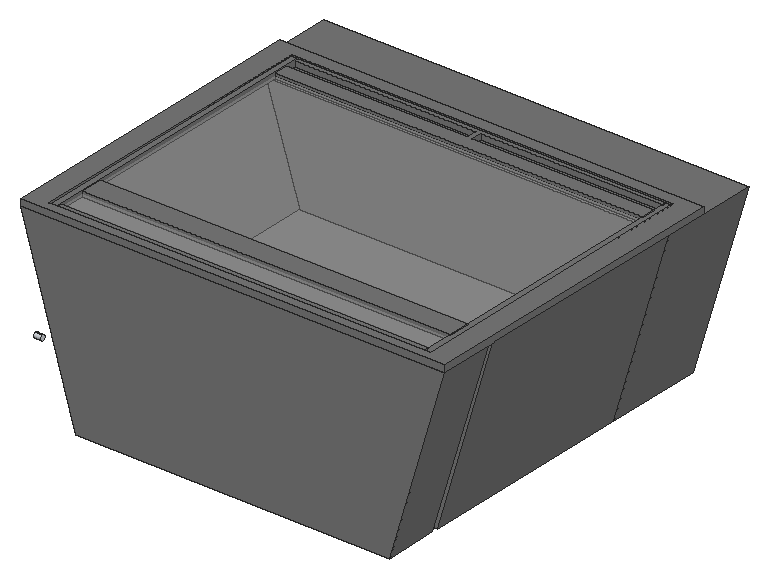
Revit family "Fireplace_Gas_HeatNGlo_8000-6000-Modern", category Mechanical Equipment, host Face, Revit 2015
Parameters (values of type "43x26 Viewing Area LP")
  gasrad [instance] = Gas Connection Diameter / 2  # 0' - 0 1/4"
  exradius [instance] = Exhaust Connection Diameter / 2  # 0' - 3 1/2"
  Warranty Duration (Years) = 0
  Unit Width = 4' - 0"
  Unit Weight = 0
  Unit Height = 3' - 6 7/8"
  Unit Depth = 1' - 9"
  URL = "http://www.heatnglo.com/"
  Test Data = ""
  Standards Conformance = "cULus"
  Specification = "http://www.arcat.com/sdspecs/htm04/10_31_07hng.htm"
  SpecWizard = ""
  Send Message = "http://www.arcat.com/users.pl?action=UserEmail&amp;company=Heat+and+Glo<sup><small></small></sup>&amp;coid=33011&amp;rep=144&amp;fax=&amp;mf=95"
  Screen [instance] = 80006000ModernFace : Folio
  Sales Information = "http://www.heatnglo.com/Contact-Us.aspx"
  Revision = "R1_06_2014"
  Recess Into Host [instance] = 1' - 9"
  Rear Width = 2' - 11 1/2"
  Rear Wall Finish [instance] = Masonry - HeatNGlo - Brick as Specified
  Product Properties = ""
  Product Data = "http://www.arcat.com/arcatcos/cos33/arc33011.html"
  Opening Width = 3' - 7 1/8"
  Opening Height = 2' - 1 5/8"
  Mounting Height [instance] = 1' - 10.76867"
  Model = "8000CMOD-IPI"
  Media Material [instance] = Stone - HeatNGlo - Crystal
  Manufacturer Website = "http://www.heatnglo.com/"
  Manufacturer Phone - Toll Free = "800-669-HEAT (4328)"
  Manufacturer Phone = ""
  Manufacturer Fax = ""
  Manufacturer Address = "7571 215th St. W.  Lakeville, MN 55044"
  Manufacturer = "Heat & Glo"
  Maintenance Schedule (Months) = 0
  Keynote = "10305"
  Installation-Fabrication = ""
  Installation Phase = ""
  Heating Capacity = "as Specified"
  HVAC_BTU Output = 0.0 Btu/h
  HVAC_BTU Input = 22000.0 Btu/h
  Green Building-LEED = ""
  Glazing Tint [instance] = Glazing - HeatNGlo - Clear
  Gas Connection Diameter [instance] = 1/2"
  Fuel Type = "LP"
  Fuel Consumption = "as Specified"
  Fixture Finish [instance] = Metal - HeatNGlo - Metallic Black
  Expected Lifespan (Years) = 0
  Exhaust Connection Diameter [instance] = 0' - 7"
  Electrical_Voltage [instance] = 120 V
  Efficiency Ratings = "Steady State: 77.5  ;  AFUE: 55.9  ;  EnerGuide: 61.7"
  Drawn By = "Sumex Design, Inc. / Robert S. Weygant, CSI, CDT, SCIP"
  Door Finish [instance] = Metal - HeatNGlo - Metallic Black
  Description = "Heat & Glo Gas Burning Fireplace - 8000 Modern 8000CMOD-IPI as Specified"
  Default Elevation = 0' - 0"
  Copyright = "©Arcat Inc."
  Construction Details = "http://www.arcat.com/details/heatnglo/heatnglo.html?coid=33011"
  Building Codes = ""
  Assembly Code = "D3020"
Types (4): name | Unit Width | Unit Height | Rear Width | Opening Width | Opening Height | Model | HVAC_BTU Input | Fuel Type | Efficiency Ratings | Description
  43x26 Viewing Area LP | 4' - 0" | 3' - 6 7/8" | 2' - 11 1/2" | 3' - 7 1/8" | 2' - 1 5/8" | "8000CMOD-IPI" | 22000.0 Btu/h | "LP" | "Steady State: 77.5  ;  AFUE: 55.9  ;  EnerGuide: 61.7" | "Heat & Glo Gas Burning Fireplace - 8000 Modern 8000CMOD-IPI as Specified"
  43x26 Viewing Area NG | 4' - 0" | 3' - 6 7/8" | 2' - 11 1/2" | 3' - 7 1/8" | 2' - 1 5/8" | "8000CMOD-IPI" | 32000.0 Btu/h | "NG" | "Steady State: 77.5  ;  AFUE: 55.9  ;  EnerGuide: 61.7" | "Heat & Glo Gas Burning Fireplace - 8000 Modern 8000CMOD-IPI as Specified"
  36x24 Viewing Area LP | 3' - 5" | 3' - 4 7/8" | 2' - 4 1/2" | 3' - 0 1/8" | 1' - 11 5/8" | "6000CMOD-IPI" | 20000.0 Btu/h | "LP" | "Steady State: 78.5  ;  AFUE: 61.1  ;  EnerGuide: 63" | "Heat & Glo Gas Burning Fireplace - 6000 Modern 6000CMOD-IPI as Specified"
  36x24 Viewing Area NG | 3' - 5" | 3' - 4 7/8" | 2' - 4 1/2" | 3' - 0 1/8" | 1' - 11 5/8" | "6000CMOD-IPI" | 28000.0 Btu/h | "NG" | "Steady State: 78.5  ;  AFUE: 61.1  ;  EnerGuide: 63" | "Heat & Glo Gas Burning Fireplace - 6000 Modern 6000CMOD-IPI as Specified"
Reference planes (in)
  plane 1 "Opening CL": y = 0.375
  plane 2: z = 0
  plane 3 "Center (Left/Right)": x = 0
  plane 4: z = -21
  plane 5 "Front": z = 0
  plane 6: x = -21.5625
  plane 7: x = 21.5625
  plane 8: y = 13.1875
  plane 9 "FF": y = -41.20617
  plane 10: y = -18.4375
  plane 11: y = -12.4375
  plane 12: x = -24
  plane 13: x = 24
  plane 14: y = 24.4375
  plane 15: x = -17.75
  plane 16: x = 17.75
  plane 17: y = 18.1875
  plane 18: y = 13.1875
Forms (in)
  Extrusion 1, void
    sketch origin (0, 0, 0) x (1, 0, 0) y (0, 1, 0)
      loop
        line (24, 24.4375) -> (-24, 24.4375) -> (-24, -18.4375) -> (24, -18.4375) -> (24, 24.4375)
    from -21 to 5.63952
  Extrusion 2, solid
    sketch origin (0, 24.4375, 0) x (0, 0, -1) y (1, 0, 0)
      loop
        circle (13, 0) r 3.5
    from 0 to 2
  Extrusion 3, solid
    sketch origin (-24, -180, 14.07791) x (0, 0, 1) y (0, -1, 0)
      loop
        circle (-28.07791, -163.75) r 0.25
    from 0.79905 to 0
  Extrusion 4, solid, material "Metal - HeatNGlo - Metallic Black" <- "Fixture Finish"
    sketch origin (0, 0.375, 0) x (1, 0, 0) y (0, 0, 1)
      loop
        line (-24, 0) -> (-17.75, -21) -> (17.75, -21) -> (24, 0) -> (-24, 0)
    from 12.8125 to 18.8125
  Extrusion 5, solid, material "Metal - HeatNGlo - Metallic Black" <- "Fixture Finish"
    sketch origin (0, 0.375, 0) x (1, 0, 0) y (0, 0, 1)
      loop
        line (-24, 0) -> (-17.75, -21) -> (17.75, -21) -> (24, 0) -> (21.5625, 0) -> (17.75, -12) -> (-17.75, -12) -> (-21.5625, 0) -> (-24, 0)
    from -12.8125 to 12
  Extrusion 6, solid, material "Metal - HeatNGlo - Metallic Black" <- "Fixture Finish"
    sketch origin (0, 0.375, 0) x (1, 0, 0) y (0, 0, 1)
      loop
        line (-24, 0) -> (-17.75, -21) -> (17.75, -21) -> (24, 0) -> (-24, 0)
    from -24.0625 to -12.8125
Dimensions and locks (in)
  "Recess Into Host": level to plane 4
  "Unit Depth": plane 5 "Front" to plane 4
  equal spacing: plane 6, plane 3 "Center (Left/Right)", plane 7
  "Opening Width": plane 6 to plane 7
  "Mounting Height": plane 10 to plane 9 "FF"
  locked: plane 10 to plane 11 at 6
  "Opening Height": plane 8 to plane 11
  equal spacing: plane 12, plane 3 "Center (Left/Right)", plane 13
  "Unit Width": plane 12 to plane 13
  "Unit Height": plane 10 to plane 14
  locked: Extrusion 2 sketch curve to plane 4 at 8
  locked: Extrusion 2 sketch curve to plane 3 "Center (Left/Right)" at 0
  locked: Extrusion 3 sketch curve to plane 4 at 7
  locked: plane 10 to Extrusion 3 sketch curve at 2.1875
  equal spacing: plane 16, plane 3 "Center (Left/Right)", plane 15
  "Rear Width": plane 16 to plane 15
  equal spacing: plane 11, plane 1 "Opening CL", plane 8
  plane 5 "Front" to Extrusion 5 sketch curve = 1' - 0"
  locked: plane 17 to plane 14 at 6.25
  locked: plane 17 to plane 18 at 5
  "exradius": radius of Extrusion 2 sketch curve
  "gasrad": radius of Extrusion 3 sketch curve
  aligned and locked: plane 2 to host face
  aligned and locked: level to host face
  aligned: Extrusion 1 to plane 5 "Front"
  aligned and locked: Extrusion 1 to plane 4
  aligned and locked: Extrusion 1 sketch curve to plane 10
  aligned and locked: Extrusion 1 sketch curve to plane 12
  aligned and locked: plane 13 to Extrusion 1 sketch curve
  aligned and locked: Extrusion 1 sketch curve to plane 14
  aligned and locked: plane 5 "Front" to Extrusion 4 sketch curve
  aligned and locked: plane 15 to Extrusion 4 sketch curve
  aligned and locked: plane 16 to Extrusion 4 sketch curve
  aligned and locked: Extrusion 4 sketch curve to plane 4
  aligned and locked: plane 10 to Extrusion 4
  aligned and locked: plane 11 to Extrusion 4
  aligned and locked: nested 1 to plane 10
  aligned and locked: Extrusion 5 sketch curve to Extrusion 4  (x2)
  aligned and locked: plane 13 to Extrusion 5 sketch curve
  aligned and locked: plane 5 "Front" to Extrusion 5 sketch curve
  aligned and locked: plane 12 to Extrusion 5 sketch curve
  aligned and locked: Extrusion 5 sketch curve to plane 4
  aligned and locked: plane 15 to Extrusion 5 sketch curve  (x2)
  aligned and locked: plane 16 to Extrusion 5 sketch curve  (x2)
  aligned and locked: Extrusion 5 to plane 18
  aligned and locked: plane 5 "Front" to Extrusion 6 sketch curve
  aligned and locked: plane 12 to Extrusion 6 sketch curve
  aligned and locked: plane 13 to Extrusion 6 sketch curve
  aligned and locked: plane 16 to Extrusion 6 sketch curve
  aligned and locked: plane 15 to Extrusion 6 sketch curve
  aligned and locked: Extrusion 6 to plane 14
  aligned: Extrusion 6 to plane 17
  aligned and locked: Extrusion 6 to plane 18
Automatic sketch dimensions
  host sketch curve to host sketch curve = 8' - 0"
  host sketch curve to host sketch curve = 10' - 4 9/16"
  Extrusion 4 sketch curve to plane 12 = 0' - 0"
  Extrusion 4 sketch curve to plane 13 = 0' - 0"
  Extrusion 5 sketch curve to plane 6 = 0' - 0"
  Extrusion 5 sketch curve to plane 7 = 0' - 0"
  Extrusion 6 sketch curve to plane 4 = 0' - 0"
Nested families (in)
  nested 1: "80006000ModernFace" at (0, -18.4375, 0), type <- "Screen", frame finish <- "Door Finish", clear material <- "Glazing Tint", Width <- "Unit Width", Height <- "Unit Height", type "Folio"
    with frame finish Metal - HeatNGlo - Metallic Black, clear material Glazing - HeatNGlo - Clear, built-in parameter 1001301 4' - 0", built-in parameter 1001300 3' - 6 7/8", Modern no, Folio yes
Connectors (in)
  hvac at (0, 24.4375, -13), driven by "exradius"
    settings: on Extrusion 2, index 1, duct flow 0 CFM, flow factor 0, pres drop 0.00 in-wg, loss coef 0, conn angle 0.00°, conn width 12", conn height 12", conn diameter 7", duct sys type 3, conn prof type 0, flow config 0, flow direction 2, loss method 0, conn ref index -1, conn util no, is conn primary yes, conn desc ""
  piping at (-24, -16.25, -14), diameter 0.5, driven by "gasrad"
    settings: on Extrusion 3, index 3, connector inside diameter 1/2", connector length 0' - 0", flow factor 0, pipe flow 0 GPM, pressure drop 0.00 psi, fitting loss kfactor 0, connector angle 0.00°, fixture units 0, engagement length 0' - 0", angle of deflection 0.00°, flow configuration 0, flow direction 1, fitting loss method 0, system type 29, joint type 0, gender type 0, connector reference index -1, connector utility 0, adjustable connector no, is connector primary yes, connector description "Gas Inlet"
  electrical at (20.875, 0.78125, -10.5), driven by "Electrical_Voltage"
    settings: on Extrusion 5, index 4, voltage 120 V, apparent load 0 VA, apparent load phase1 0 VA, apparent load phase2 0 VA, apparent load phase3 0 VA, power factor 1, load classification "Other", number of poles 1, system type 31, power factor state 1, is connector primary yes, connector utility no, sub classification motor no, connector description ""
Definition of nested family "80006000ModernFace"
  Parameters
    frame finish [instance] = none
    clear material [instance] = none
    Width [instance] = 3' - 5"
    Height [instance] = 3' - 4 7/8"
    Modern = yes
    Default Elevation = 4' - 0"
    Folio = no
    Assembly Code = ""
  Reference planes (in)
    plane 1 "Center (Front/Back)": y = 0
    plane 2: z = 0
    plane 3 "Center (Left/Right)": x = 0
    plane 4: x = -20.5
    plane 5: x = 20.5
    plane 6: y = 40.875
    plane 7: y = 1
    plane 8: y = 34.625
    plane 9: y = 33.25
    plane 10: x = -18.0625
    plane 11: x = 18.0625
  Forms (in)
    Extrusion 1, solid, material <- "frame finish", visible <- "Folio"
      sketch origin (0, 0, 0) x (1, 0, 0) y (0, 1, 0)
        loop
          line (-17.3125, 33.25) -> (-17.3125, 32.75) -> (-0.25, 32.75) -> (-0.25, 31.5) -> (-17.3125, 31.5) -> (-17.3125, 30) -> (17.3125, 30) -> (17.3125, 31.5) -> (0.25, 31.5) -> (0.25, 32.75) -> (17.3125, 32.75) -> (17.3125, 33.25) -> (-17.3125, 33.25)
        loop
          line (-17.3125, 1) -> (17.3125, 1) -> (17.3125, 1.75) -> (-17.3125, 1.75) -> (-17.3125, 1)
        loop
          line (-17.3125, 4.75) -> (17.3125, 4.75) -> (17.3125, 7.25) -> (-17.3125, 7.25) -> (-17.3125, 4.75)
      from 0 to 0.625
    Extrusion 2, solid, material <- "frame finish", visible <- "Folio"
      sketch origin (0, 0, 0) x (1, 0, 0) y (0, 1, 0)
        loop
          line (-18.0625, 33.25) -> (-18.0625, 1) -> (-17.3125, 1) -> (-17.3125, 33.25) -> (-18.0625, 33.25)
        loop
          line (17.3125, 33.25) -> (17.3125, 1) -> (18.0625, 1) -> (18.0625, 33.25) -> (17.3125, 33.25)
      from 0 to 0.625
    Extrusion 3, solid, material <- "clear material", visible <- "Folio"
      sketch origin (0, 0, 0) x (1, 0, 0) y (0, 1, 0)
        loop
          line (-17.3125, 30) -> (-17.3125, 1.75) -> (17.3125, 1.75) -> (17.3125, 30) -> (-17.3125, 30)
      from 0 to 0.29071
    Extrusion 4, solid, material <- "frame finish", visible <- "Modern"
      sketch origin (0, 0, 0) x (1, 0, 0) y (0, 1, 0)
        loop
          line (-18.4375, 35) -> (-18.4375, -0.375) -> (18.4375, -0.375) -> (18.4375, 35) -> (-18.4375, 35)
        loop
          line (-15.3125, 28.25) -> (-15.3125, 6) -> (15.3125, 6) -> (15.3125, 28.25) -> (-15.3125, 28.25)
      from 0 to 0.625
    Extrusion 5, solid, material <- "frame finish", visible <- "Modern"
      sketch origin (0, 0, 0) x (1, 0, 0) y (0, 1, 0)
        loop
          line (20.875, 37) -> (-20.875, 37) -> (-20.875, -2.375) -> (20.875, -2.375) -> (20.875, 37)
        loop
          line (-18.4375, 35) -> (-18.4375, -0.375) -> (18.4375, -0.375) -> (18.4375, 35) -> (-18.4375, 35)
      from 0 to 0.25
    Extrusion 6, solid, material <- "clear material", visible <- "Modern"
      sketch origin (0, 0, 0) x (1, 0, 0) y (0, 1, 0)
        loop
          line (-15.3125, 28.25) -> (-15.3125, 6) -> (15.3125, 6) -> (15.3125, 28.25) -> (-15.3125, 28.25)
      from 0.13985 to 0.43278
    Extrusion 7, solid, material <- "frame finish", visible <- "Folio"
      sketch origin (0, 0, 0) x (1, 0, 0) y (0, 1, 0)
        loop
          line (-20.5, 0) -> (20.5, 0) -> (20.5, 34.625) -> (-20.5, 34.625) -> (-20.5, 0)
        loop
          line (-18.0625, 33.25) -> (-18.0625, 1) -> (18.0625, 1) -> (18.0625, 33.25) -> (-18.0625, 33.25)
      from 0 to 0.75
  Dimensions and locks (in)
    equal spacing: plane 4, plane 3 "Center (Left/Right)", plane 5
    locked: plane 1 "Center (Front/Back)" to plane 7 at 1
    "Width": plane 4 to plane 5
    "Height": plane 1 "Center (Front/Back)" to plane 6
    locked: plane 6 to plane 8 at 6.25
    locked: plane 8 to plane 9 at 1.375
    locked: plane 4 to plane 10 at 2.4375
    locked: plane 11 to plane 5 at 2.4375
    locked: Extrusion 1 sketch curve to plane 11 at 0.75
    locked: plane 10 to Extrusion 1 sketch curve at 0.75
    plane 9 to Extrusion 1 sketch curve to Extrusion 1 sketch curve to Extrusion 1 sketch curve = 0' - 0 1/2" locked, 0' - 1 1/4" locked, 0' - 1 1/2" locked
    plane 9 to Extrusion 1 sketch curve to Extrusion 1 sketch curve = 0' - 0 1/2" locked, 0' - 1 1/4" locked
    Extrusion 1 sketch curve to Extrusion 1 sketch curve to Extrusion 1 sketch curve to plane 7 = 0' - 2 1/2" locked, 0' - 3" locked, 0' - 0 3/4" locked
    locked: Extrusion 2 sketch curve to plane 11 at 0.75
    locked: plane 10 to Extrusion 2 sketch curve at 0.75
    locked: plane 9 to Extrusion 3 sketch curve at 3.25
    locked: plane 10 to Extrusion 3 sketch curve at 0.75
    locked: Extrusion 3 sketch curve to plane 11 at 0.75
    locked: Extrusion 3 sketch curve to plane 7 at 0.75
    locked: Extrusion 4 sketch curve to plane 8 at 0.375
    locked: Extrusion 4 sketch curve to plane 1 "Center (Front/Back)" at 0.375
    locked: plane 11 to Extrusion 4 sketch curve at 0.375
    locked: Extrusion 4 sketch curve to plane 10 at 0.375
    locked: plane 10 to Extrusion 4 sketch curve at 2.75
    locked: Extrusion 4 sketch curve to plane 11 at 2.75
    locked: plane 9 to Extrusion 4 sketch curve at 5
    locked: Extrusion 4 sketch curve to plane 7 at 5
    locked: Extrusion 5 sketch curve to plane 8 at 2.375
    locked: Extrusion 5 sketch curve to plane 1 "Center (Front/Back)" at 2.375
    locked: Extrusion 5 sketch curve to plane 10 at 0.375
    locked: plane 11 to Extrusion 5 sketch curve at 0.375
    locked: Extrusion 5 sketch curve to plane 4 at 0.375
    locked: plane 5 to Extrusion 5 sketch curve at 0.375
    locked: plane 10 to Extrusion 6 sketch curve at 2.75
    locked: Extrusion 6 sketch curve to plane 11 at 2.75
    locked: plane 9 to Extrusion 6 sketch curve at 5
    locked: Extrusion 6 sketch curve to plane 7 at 5
    aligned and locked: plane 2 to level
    aligned and locked: Extrusion 1 sketch curve to Extrusion 1 sketch curve  (x6)
    aligned and locked: plane 9 to Extrusion 1 sketch curve
    aligned and locked: Extrusion 1 sketch curve to plane 7
    aligned and locked: Extrusion 2 sketch curve to plane 9  (x2)
    aligned and locked: plane 7 to Extrusion 2 sketch curve  (x2)
    aligned and locked: Extrusion 2 sketch curve to plane 10
    aligned and locked: plane 11 to Extrusion 2 sketch curve
    aligned and locked: Extrusion 7 sketch curve to plane 8
    aligned and locked: plane 9 to Extrusion 7 sketch curve
    aligned and locked: plane 5 to Extrusion 7 sketch curve
    aligned and locked: plane 11 to Extrusion 7 sketch curve
    aligned and locked: plane 4 to Extrusion 7 sketch curve
    aligned and locked: plane 10 to Extrusion 7 sketch curve
    aligned and locked: Extrusion 7 sketch curve to plane 7
    aligned and locked: plane 1 "Center (Front/Back)" to Extrusion 7 sketch curve
  Automatic sketch dimensions
    Extrusion 1 sketch curve to plane 3 "Center (Left/Right)" = 0' - 0 1/4"
    plane 3 "Center (Left/Right)" to Extrusion 1 sketch curve = 0' - 0 1/4"
    plane 1 "Center (Front/Back)" to Extrusion 5 sketch curve = 0' - 0 3/8"
    plane 8 to Extrusion 5 sketch curve = 0' - 0 3/8"
